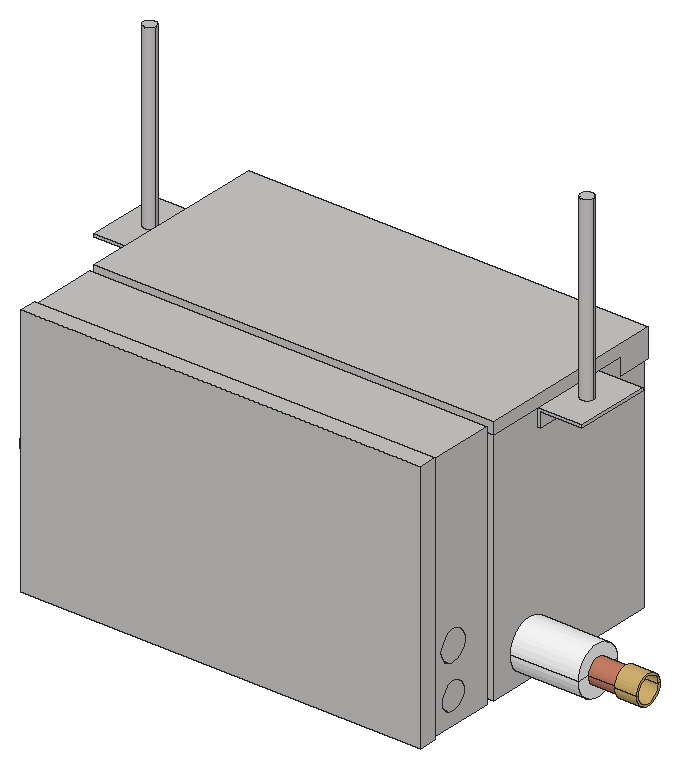
Revit family "Changeover_Box-VRF-Non_ducted-JCI-01_Port", category Mechanical Equipment, Revit 2014
Parameters (values of type "COBS048B22S/C - 208 v")
  Width = 8.438"
  Voltage = 208 V
  Product Page URL = ""
  Product Name = "COBS048B22S/C"
  Product Documentation Link = ""
  Power Factor = 0.8
  Phase = 1
  Outdoor Suction Gas Wall Thickness = Outdoor Suction Gas Socket Outside Radius - Outdoor Suction Gas Socket Inside Radius  # 0.04822"
  Outdoor Suction Gas Socket Outside Radius = 1.0552 * Outdoor Suction Gas Radius + 0.095"  # 0.42475"
  Outdoor Suction Gas Socket Outside Depth = Outdoor Suction Gas Socket Inside Depth + Outdoor Suction Gas Wall Thickness  # 0.65759"
  Outdoor Suction Gas Socket Inside Radius = 1.0001 * Outdoor Suction Gas Radius + 0.064"  # 0.37653"
  Outdoor Suction Gas Socket Inside Depth = 1.15 * Outdoor Suction Gas Radius + 0.250"  # 0.60938"
  Outdoor Discharge Gas Wall Thickness = Outdoor Discharge Gas Socket Outside Radius - Outdoor Discharge Gas Socket Inside Radius  # 0.05166"
  Outdoor Discharge Gas Socket Outside Radius = 1.0552 * Outdoor Discharge Gas Radius + 0.095"  # 0.4907"
  Outdoor Discharge Gas Socket Outside Depth = Outdoor Discharge Gas Socket Inside Depth + Outdoor Discharge Gas Wall Thickness  # 0.73291"
  Outdoor Discharge Gas Socket Inside Radius = 1.0001 * Outdoor Discharge Gas Radius + 0.064"  # 0.43904"
  Outdoor Discharge Gas Socket Inside Depth = 1.15 * Outdoor Discharge Gas Radius + 0.250"  # 0.68125"
  Operating Weight = 13 lbf
  Number of Poles = 2
  Minimum Circuit Current = 0.1 A
  Max Number of Connectable Indoor Units (per branch) = 5
  Max Connectable Capacity (total) = 54000.0 Btu/h
  Max Connectable Capacity (per branch) = 54000.0 Btu/h
  Material Takeoff [instance] = yes
  Length 31 [instance] = if(Material Takeoff, Outdoor Suction Gas Socket Inside Depth, 0.000")  # 0.60938"
  Length 30 [instance] = if(Material Takeoff, Outdoor Suction Gas Socket Inside Depth, Outdoor Suction Gas Wall Thickness)  # 0.60938"
  Length 27 [instance] = if(Material Takeoff, Outdoor Discharge Gas Socket Inside Depth, Outdoor Discharge Gas Wall Thickness)  # 0.68125"
  Length 26 [instance] = if(Material Takeoff, Outdoor Discharge Gas Socket Inside Depth, 0.000")  # 0.68125"
  Length 22 [instance] = if(Material Takeoff, 0.000" - Indoor Gas Socket Inside Depth, 0.000")  # -0.60938"
  Length 21 [instance] = if(Material Takeoff, Indoor Gas Socket Inside Depth, Indoor Gas Wall Thickness)  # 0.60938"
  Length 20 [instance] = if(Material Takeoff, Indoor Gas Socket Inside Depth, 0.000")  # 0.60938"
  Length = Body Length + (2 * Connection Length)  # 18.875"
  Indoor Gas Wall Thickness = Indoor Gas Socket Outside Radius - Indoor Gas Socket Inside Radius  # 0.04822"
  Indoor Gas Socket Outside Radius = 1.0552 * Indoor Gas Radius + 0.095"  # 0.42475"
  Outdoor Suction Gas Z Offset = 0.813"
  Outdoor Suction Gas Radius = 5/16"
  Outdoor Discharge Gas Z Offset = 3.000"
  Outdoor Discharge Gas Y Offset = 1.563"
  Outdoor Discharge Gas Radius = 3/8"
  Length 8 = Outdoor Suction Gas Radius + 0.400"  # 0.7125"
  Outdoor Discharge Gas Body Radius = Outdoor Discharge Gas Radius + 0.060"  # 0.435"
  Length 6 = Outdoor Discharge Gas Radius + 0.400"  # 0.775"
  Indoor Gas Body Radius = Indoor Gas Radius + Indoor Gas Wall Thickness  # 0.36072"
  Length 3 = 0.525"
  Length 2 = Indoor Gas Radius + 0.400"  # 0.7125"
  Length 19 = 0.100"  # constant formula
  Length 18 = if(Indoor Gas Y Offset - Length 2 < Width / 2 - Length 1, Indoor Gas Y Offset - Length 2, (Width / 2 - Length 1))  # 3.094"
  Length 16 = 0.5875"
  Outdoor Suction Gas Body Radius = Outdoor Suction Gas Radius + 0.060"  # 0.3725"
  Length 1 = 1.125"  # constant formula
  Knockout Z Separation = 1.340"
  Knockout Y Offset = 1.250"
  Knockout Power Radius = 111/256"
  Knockout Control Radius = 101/256"
  Indoor Gas Z Offset = 1.000"
  Indoor Gas Y Offset = 4.375"
  Indoor Gas Socket Outside Depth = Indoor Gas Socket Inside Depth + Indoor Gas Wall Thickness  # 0.65759"
  Indoor Gas Socket Inside Radius = 1.0001 * Indoor Gas Radius + 0.064"  # 0.37653"
  Indoor Gas Socket Inside Depth = 1.15 * Indoor Gas Radius + 0.250"  # 0.60938"
  Highlight Material = Metal - JCI - Brass
  Height = 7.500"
  Frequency = 60 Hz
  Copyright © = "Copyright © 2001-2017 Johnson Controls"  # constant formula
  Control Z Offset = 0.830"
  Connection Length = 3.500"
  Body Length = 11.875"
  URL = "www.johnsoncontrols.com"
  Type Comments = "208 v"
  Power Consumption = 43 W
  Insulation Material = Plastic - JCI - White
  Model = "RBM-Y0383FUL"
  Manufacturer = "Johnson Controls International"
  Load Classification = HVAC
  Length 9 [instance] = if(Clearance Zones, Clearance Front, 0.000")  # 0.000"
  Length 14 [instance] = if(Clearance Zones, Clearance Top, 0.000")  # 0.000"
  Length 13 [instance] = if(Clearance Zones, Clearance Bottom, 0.000")  # 0.000"
  Length 12 [instance] = if(Clearance Zones, Clearance Right, 0.000")  # 0.000"
  Length 11 [instance] = if(Clearance Zones, Clearance Left, 0.000")  # 0.000"
  Length 10 [instance] = if(Clearance Zones, Clearance Back, 0.000")  # 0.000"
  Hanging Bolt Pitch = 13.000"
  Description = "Cooling/Heating 1 Port Changeover Box"  # constant formula
  Hanging Bolts [instance] = yes
  Drop Rod Radius = 0.188"
  Hanging Height [instance] = 5.000"
  Indoor Gas Radius = 5/16"
  DX Pipe Material = Metal - JCI - Copper
  Clearance Zones [instance] = no
  Clearance Top [instance] = 3.940"
  Clearance Right [instance] = 11.813"
  Clearance Material = Clearance Zones
  Clearance Left [instance] = 11.813"
  Clearance Front [instance] = 3.938"
  Clearance Bottom = 1.970"
  Clearance Back = 3.940"
  Body Material = Metal - JCI - Steel
  Assembly Code = "D3030200"
  Apparent Load = Minimum Circuit Current * Voltage / Power Factor  # 26 VA
  Angle 1 [instance] = if(Material Takeoff, 90.00°, 0.00°)  # 90.00°
Types (5): name | Width | Voltage | Product Name | Max Connectable Capacity (total) | Max Connectable Capacity (per branch) | Length 22 | Length 21 | Length 20 | Indoor Gas Wall Thickness | Indoor Gas Socket Outside Radius | Indoor Gas Body Radius | Length 2 | Length 18 | Indoor Gas Socket Outside Depth | Indoor Gas Socket Inside Radius | Indoor Gas Socket Inside Depth | Type Comments | Length 9 | Length 14 | Length 13 | Length 12 | Length 11 | Length 10 | Indoor Gas Radius | Clearance Zones | Clearance Right | Clearance Left | Apparent Load
  (no name) | 8.438" | 208 V | "COBS048B22S/C" | 54000.0 Btu/h | 54000.0 Btu/h | -0.60938" | 0.60938" | 0.60938" | 0.04822" | 0.42475" | 0.36072" | 0.7125" | 3.094" | 0.65759" | 0.37653" | 0.60938" | "208 v" | 0.000" | 0.000" | 0.000" | 0.000" | 0.000" | 0.000" | 5/16" | no | 11.813" | 11.813" | 26 VA
  COBS048B22S/C - 208 v | 8.438" | 208 V | "COBS048B22S/C" | 54000.0 Btu/h | 54000.0 Btu/h | -0.60938" | 0.60938" | 0.60938" | 0.04822" | 0.42475" | 0.36072" | 0.7125" | 3.094" | 0.65759" | 0.37653" | 0.60938" | "208 v" | 0.000" | 0.000" | 0.000" | 0.000" | 0.000" | 0.000" | 5/16" | no | 11.813" | 11.813" | 26 VA
  COBS048B22S/C - 230 v | 10.938" | 230 V | "COBS048B22S/C" | 54000.0 Btu/h | 54000.0 Btu/h | -0.60938" | 0.60938" | 0.60938" | 0.04822" | 0.42475" | 0.36072" | 0.7125" | 3.6625" | 0.65759" | 0.37653" | 0.60938" | "230 v" | 3.938" | 3.940" | 1.970" | 11.813" | 11.813" | 3.940" | 5/16" | yes | 11.813" | 11.813" | 28.75 VA
  COBS096B22S/C - 208 v | 10.938" | 208 V | "COBS096B22S/C" | 960000.0 Btu/h | 960000.0 Btu/h | -0.68125" | 0.68125" | 0.68125" | 0.05166" | 0.4907" | 0.42666" | 0.775" | 3.600" | 0.73291" | 0.43904" | 0.68125" | "208 v" | 0.000" | 0.000" | 0.000" | 0.000" | 0.000" | 0.000" | 3/8" | no | 15.750" | 15.750" | 26 VA
  COBS096B22S/C - 230 v | 10.938" | 208 V | "COBS096B22S/C" | 960000.0 Btu/h | 960000.0 Btu/h | -0.68125" | 0.68125" | 0.68125" | 0.05166" | 0.4907" | 0.42666" | 0.775" | 3.600" | 0.73291" | 0.43904" | 0.68125" | "230 v" | 0.000" | 0.000" | 0.000" | 0.000" | 0.000" | 0.000" | 3/8" | no | 15.750" | 15.750" | 26 VA
Reference planes (in)
  plane 1 "Center (Front/Back)": y = 0
  plane 2: z = 0
  plane 3 "Center (Left/Right)": x = 0
  plane 4 "Front": y = -4.219
  plane 5 "Body Left": x = -5.9375
  plane 6 "Body Right": x = 5.9375
  plane 7 "upper bracket left": x = -7.25
  plane 8 "upper bracket right": x = 7.25
  plane 9 "Left Bolt Pitch": x = -6.5
  plane 10 "Right Bolt Pitch": x = 6.5
  plane 11 "Top": z = 7.5
  plane 12 "Bottom": z = 0
  plane 13 "Center (Elevation)": z = 3.75
  plane 14 "plate top": z = 7.15625
  plane 15 "bracket 1 front": y = 0.125
  plane 16 "Hanging Rods Height": z = 12.5
  plane 17 "bolt bottom": z = 6.83862
  plane 18: z = 7.5
  plane 19 "Cleareance Left": x = -5.9375
  plane 20 "Clearance Right": x = 5.9375
  plane 21 "Clearance Front": y = -4.219
  plane 22 "Clearance Back": y = 4.219
  plane 23 "Clearance Top": z = 7.5
  plane 24 "Clearance Bottom": z = 0
  plane 25 "bracket 1 back": y = 2.375
  plane 26 "rod 1 y cl": y = 1.25
  plane 27 "connection left": x = -9.4375
  plane 28 "connection right": x = 9.4375
  plane 29 "trim front": y = -3.719
  plane 30 "body 1 left": x = -5.8875
  plane 31 "body 1 right": x = 5.8875
  plane 32 "bracket bottom": z = 6.65625
  plane 33 "control z cl": z = 0.83
  plane 34 "power z cl": z = 2.17
  plane 35 "indoor dx gas z cl": z = 1
  plane 36 "indoor dx gas y cl": y = -0.156
  plane 37 "indoor gas insulation right": x = 7.9375
  plane 38 "indoor liquid insulation right": x = 7.4375
  plane 39 "outside discharge gas y cl": y = 2.656
  plane 40 "outside suction gas y cl": y = 0.531
  plane 41 "outdoor discharge gas z cl": z = 3
  plane 42 "outdoor suction gas z cl": z = 0.813
  plane 43 "outdoor liquid inuslation left": x = -7.4375
  plane 44 "outdoor gas insulation left": x = -7.9375
  plane 45 "knockout y cl": y = -2.969
  plane 46: y = -1.719
  plane 47 "Back": y = 4.219
  plane 48: y = 4.119
  plane 49: y = -1.469
  plane 50: x = -5.1875
  plane 51: x = 5.1875
  plane 52: z = 0.05
  plane 53: z = 7.07725
  plane 54: z = 7.45
Forms (in)
  Extrusion 1, solid, detail levels coarse
    sketch origin (0, 0, 0) x (0, 1, 0) y (0, 0, 1)
      loop
        line (-4.219, 7.5) -> (-4.219, 0) -> (4.219, 0) -> (4.219, 7.5) -> (-4.219, 7.5)
    from -9.4375 to 9.4375
  Extrusion 2, solid, material "Metal - JCI - Steel" <- "Body Material", visible <- "Hanging Bolts", detail levels medium+fine
    sketch origin (0, 0, 7.15625) x (-1, 0, 0) y (0, -1, 0)
      loop
        circle (6.5, -1.25) r 0.188
      loop
        circle (-6.5, -1.25) r 0.188
    from 0 to 5.34375
  Extrusion 3, solid, material "Clearance Zones" <- "Clearance Material", visible <- "Clearance Zones"
    sketch origin (0, 0, 7.5) x (-1, 0, 0) y (0, -1, 0)
      loop
        line (5.9375, -4.219) -> (5.9375, 4.219) -> (-5.9375, 4.219) -> (-5.9375, -4.219) -> (5.9375, -4.219)
    from -7.5 to 0
  Extrusion 4, solid, material "Metal - JCI - Steel" <- "Body Material", visible <- "Hanging Bolts", detail levels medium+fine
    sketch origin (0, 0, 7.5) x (-1, 0, 0) y (0, -1, 0)
      loop
        circle (6.5, -1.25) r 0.188
      loop
        circle (-6.5, -1.25) r 0.188
    from -0.66137 to -0.42275
  Extrusion 5, solid, material "Metal - JCI - Steel" <- "Body Material", detail levels medium+fine
    sketch origin (0, 0, 7.5) x (-1, 0, 0) y (0, -1, 0)
      loop
        line (5.8875, 3.719) -> (-5.8875, 3.719) -> (-5.8875, 1.719) -> (5.8875, 1.719) -> (5.8875, 3.719)
      loop
        line (5.8875, 1.469) -> (-5.8875, 1.469) -> (-5.8875, -4.119) -> (5.8875, -4.119) -> (5.8875, 1.469)
    from -0.05 to -7.45
  Extrusion 6, solid, material "Metal - JCI - Steel" <- "Body Material", detail levels medium+fine
    sketch origin (0, -4.219, 0) x (-1, 0, 0) y (0, 0, 1)
      loop
        line (7.25, 7.15625) -> (5.9375, 7.15625) -> (5.9375, 6.65625) -> (6.0165, 6.65625) -> (6.0165, 7.07725) -> (7.25, 7.07725) -> (7.25, 7.15625)
      loop
        line (-5.9375, 6.65625) -> (-5.9375, 7.15625) -> (-7.25, 7.15625) -> (-7.25, 7.07725) -> (-6.0165, 7.07725) -> (-6.0165, 6.65625) -> (-5.9375, 6.65625)
    from 4.344 to 6.594
  Revolve 7, solid, material "Metal - JCI - Copper" <- "DX Pipe Material", detail levels medium+fine
    sketch origin (0, 0, 1) x (0, -1, 0) y (1, 0, 0)
      loop
        line (-0.5565, 5.8875) -> (0.156, 5.8875) -> (0.156, 8.82813) -> (-0.22053, 8.82813) -> (-0.22053, 9.4375) -> (-0.26875, 9.4375) -> (-0.26875, 8.77991) -> (-0.20472, 8.77991) -> (-0.20472, 7.9375) -> (-0.5565, 7.9375) -> (-0.5565, 5.8875)
      axis (0.156, 5.8875) -> (0.156, 9.4375)
    angle from 0 to 360
  Revolve 8, solid, material "Metal - JCI - Copper" <- "DX Pipe Material", detail levels medium+fine
    sketch origin (0, 0, 3) x (0, 1, 0) y (-1, 0, 0)
      loop
        line (2.656, 5.8875) -> (3.431, 5.8875) -> (3.431, 7.9375) -> (3.091, 7.9375) -> (3.091, 8.70459) -> (3.1467, 8.70459) -> (3.1467, 9.4375) -> (3.09504, 9.4375) -> (3.09504, 8.75625) -> (2.656, 8.75625) -> (2.656, 5.8875)
      axis (2.656, 9.4375) -> (2.656, 5.8875)
    angle from 0 to 360
  Revolve 9, solid, material "Metal - JCI - Copper" <- "DX Pipe Material", detail levels medium+fine
    sketch origin (0, 0, 0.813) x (0, 1, 0) y (-1, 0, 0)
      loop
        line (0.95575, 9.4375) -> (0.90753, 9.4375) -> (0.90753, 8.82812) -> (0.531, 8.82812) -> (0.531, 5.8875) -> (1.2435, 5.8875) -> (1.2435, 7.9375) -> (0.9035, 7.9375) -> (0.9035, 8.77991) -> (0.95575, 8.77991) -> (0.95575, 9.4375)
      axis (0.531, 9.4375) -> (0.531, 5.8875)
    angle from 0 to 360
  Extrusion 10, solid, material "Metal - JCI - Steel" <- "Body Material", detail levels medium+fine
    sketch origin (5.8875, 5.10245, 48) x (0, 1, 0) y (0, 0, 1)
      loop
        circle (-8.07145, -45.83) r 0.43359
      loop
        circle (-8.07145, -47.17) r 0.39453
    from 0 to -0.25
  Extrusion 11, solid, material "Metal - JCI - Copper" <- "DX Pipe Material", not visible
    sketch origin (9.4375, 0, 0) x (0, 1, 0) y (0, 0, 1)
      loop
        circle (-0.156, 1) r 0.2
    from -0.60938 <- "Length 22" to -3
  Extrusion 12, solid, material "Metal - JCI - Copper" <- "DX Pipe Material", not visible
    sketch origin (-9.4375, 0, 0) x (0, 1, 0) y (0, 0, 1)
      loop
        circle (2.656, 3) r 0.2
    from 0.68125 <- "Length 26" to 3
  Extrusion 13, solid, material "Metal - JCI - Copper" <- "DX Pipe Material", not visible
    sketch origin (-9.4375, 0, 0) x (0, 1, 0) y (0, 0, 1)
      loop
        circle (0.531, 0.813) r 0.2
    from 0.60938 <- "Length 31" to 3
  Extrusion 14, solid, material "Metal - JCI - Steel" <- "Body Material", detail levels medium+fine
    sketch origin (5.9375, 0, 0) x (0, 1, 0) y (0, 0, 1)
      loop
        line (-1.719, 5.5) -> (-1.719, 0) -> (-1.469, 0) -> (-1.469, 5.5) -> (-1.719, 5.5)
    from -11.125 to -0.75
  Extrusion 15, solid, material "Metal - JCI - Steel" <- "Body Material", detail levels fine
    sketch origin (5.9375, 0, 0) x (0, 1, 0) y (0, 0, 1)
      loop
        line (-1.519, 7.5) -> (-1.519, 7.15625) -> (3.219, 7.15625) -> (3.219, 6.65625) -> (4.219, 6.65625) -> (4.219, 7.5) -> (-1.519, 7.5)
      loop
        line (-4.219, 7.5) -> (-4.219, 0) -> (-3.719, 0) -> (-3.719, 7.5) -> (-4.219, 7.5)
    from -11.875 to 0
Lines and regions (in)
  Masking region 1, detail levels medium+fine
    outline origin (0, 0, 7.15625) x (-1, 0, 0) y (0, -1, 0)
      loop
        line (5.9375, 3.719) -> (-5.9375, 3.719) -> (-5.9375, 1.719) -> (-5.1875, 1.719) -> (-5.1875, 1.469) -> (-5.9375, 1.469) -> (-5.9375, -4.219) -> (5.9375, -4.219) -> (5.9375, 1.469) -> (5.1875, 1.469) -> (5.1875, 1.719) -> (5.9375, 1.719) -> (5.9375, 3.719)
  Masking region 2, detail levels medium+fine
    outline origin (0, 0, 0) x (1, 0, 0) y (0, 0, 1)
      loop
        line (-5.9375, 7.5) -> (-5.9375, 0) -> (5.9375, 0) -> (5.9375, 7.5) -> (-5.9375, 7.5)
  Masking region 3, detail levels coarse
    outline origin (0, 0, 0) x (0, 1, 0) y (0, 0, 1)
      loop
        line (-4.219, 7.5) -> (-4.219, 0) -> (6.719, 0) -> (6.719, 7.5) -> (-4.219, 7.5)
  Masking region 4, detail levels medium+fine
    outline origin (0, 0, 7.15625) x (-1, 0, 0) y (0, -1, 0)
      loop
        line (7.25, -2.375) -> (7.25, -0.125) -> (5.9375, -0.125) -> (5.9375, -2.375) -> (7.25, -2.375)
      loop
        line (-5.9375, -2.375) -> (-5.9375, -0.125) -> (-7.25, -0.125) -> (-7.25, -2.375) -> (-5.9375, -2.375)
  Masking region 5, visible <- "Hanging Bolts", detail levels fine
    outline origin (0, 0, 0) x (0, 1, 0) y (0, 0, 1)
      loop
        line (1.062, 12.5) -> (1.062, 7.15625) -> (1.438, 7.15625) -> (1.438, 12.5) -> (1.062, 12.5)
      loop
        line (1.438, 7.07725) -> (1.062, 7.07725) -> (1.062, 6.83863) -> (1.438, 6.83863) -> (1.438, 7.07725)
  Masking region 6, visible <- "Hanging Bolts", detail levels fine
    outline origin (0, 0, 0) x (1, 0, 0) y (0, 0, 1)
      loop
        line (-6.688, 12.5) -> (-6.688, 7.15625) -> (-6.312, 7.15625) -> (-6.312, 12.5) -> (-6.688, 12.5)
      loop
        line (6.312, 12.5) -> (6.312, 7.15625) -> (6.688, 7.15625) -> (6.688, 12.5) -> (6.312, 12.5)
      loop
        line (-6.688, 7.07725) -> (-6.688, 6.83863) -> (-6.312, 6.83863) -> (-6.312, 7.07725) -> (-6.688, 7.07725)
      loop
        line (6.312, 7.07725) -> (6.312, 6.83863) -> (6.688, 6.83863) -> (6.688, 7.07725) -> (6.312, 7.07725)
  Masking region 7, detail levels medium+fine
    outline origin (0, 0, 3) x (0, 1, 0) y (-1, 0, 0)
      loop
        line (3.1467, 9.4375) -> (2.1653, 9.4375) -> (2.1653, 8.70459) -> (2.221, 8.70459) -> (2.221, 7.9375) -> (1.881, 7.9375) -> (1.881, 5.9375) -> (3.431, 5.9375) -> (3.431, 7.9375) -> (3.091, 7.9375) -> (3.091, 8.70459) -> (3.1467, 8.70459) -> (3.1467, 9.4375)
  Masking region 8, detail levels medium+fine
    outline origin (0, 0, 3) x (0, 1, 0) y (-1, 0, 0)
      loop
        line (0.95575, 8.77991) -> (0.95575, 9.4375) -> (0.10625, 9.4375) -> (0.10625, 8.77991) -> (0.1585, 8.77991) -> (0.1585, 7.9375) -> (-0.1815, 7.9375) -> (-0.1815, 5.9375) -> (1.2435, 5.9375) -> (1.2435, 7.9375) -> (0.9035, 7.9375) -> (0.9035, 8.77991) -> (0.95575, 8.77991)
  Masking region 9, detail levels medium+fine
    outline origin (0, 0, 3) x (0, 1, 0) y (-1, 0, 0)
      loop
        line (0.5565, -5.9375) -> (-0.8685, -5.9375) -> (-0.8685, -7.9375) -> (-0.51672, -7.9375) -> (-0.51672, -8.77991) -> (-0.58075, -8.77991) -> (-0.58075, -9.4375) -> (0.26875, -9.4375) -> (0.26875, -8.77991) -> (0.20472, -8.77991) -> (0.20472, -7.9375) -> (0.5565, -7.9375) -> (0.5565, -5.9375)
  Masking region 10, detail levels coarse
    outline origin (0, 0, 7.5) x (-1, 0, 0) y (0, -1, 0)
      loop
        line (-9.4375, -4.219) -> (9.4375, -4.219) -> (9.4375, 4.219) -> (-9.4375, 4.219) -> (-9.4375, -4.219)
  Masking region 11, detail levels coarse
    outline origin (0, -4.219, 0) x (-1, 0, 0) y (0, 0, 1)
      loop
        line (9.4375, 7.5) -> (-9.4375, 7.5) -> (-9.4375, 0) -> (9.4375, 0) -> (9.4375, 7.5)
  Masking region 12, detail levels medium+fine
    outline origin (0, 0, 0) x (1, 0, 0) y (0, 0, 1)
      loop
        line (-9.4375, 3.535) -> (-9.4375, 2.465) -> (-8.7375, 2.465) -> (-8.7375, 2.565) -> (-7.9375, 2.565) -> (-7.9375, 2.225) -> (-5.9375, 2.225) -> (-5.9375, 3.775) -> (-7.9375, 3.775) -> (-7.9375, 3.435) -> (-8.7375, 3.435) -> (-8.7375, 3.535) -> (-9.4375, 3.535)
      loop
        line (-9.4375, 1.2855) -> (-9.4375, 0.3405) -> (-8.7375, 0.3405) -> (-8.7375, 0.4405) -> (-7.9375, 0.4405) -> (-7.9375, 0.1005) -> (-5.9375, 0.1005) -> (-5.9375, 1.5255) -> (-7.9375, 1.5255) -> (-7.9375, 1.1855) -> (-8.7375, 1.1855) -> (-8.7375, 1.2855) -> (-9.4375, 1.2855)
      loop
        line (9.4375, 1.46072) -> (8.7375, 1.46072) -> (8.7375, 1.36072) -> (7.9375, 1.36072) -> (7.9375, 1.7125) -> (5.9375, 1.7125) -> (5.9375, 0.2875) -> (7.9375, 0.2875) -> (7.9375, 0.63928) -> (8.7375, 0.63928) -> (8.7375, 0.53928) -> (9.4375, 0.53928) -> (9.4375, 1.46072)
  Masking region 13, detail levels medium+fine
    outline origin (0, 0, 0) x (0, 1, 0) y (0, 0, 1)
      loop
        line (4.119, 0.05) -> (4.119, 7.45) -> (-1.469, 7.45) -> (-1.469, 5.5) -> (-1.719, 5.5) -> (-1.719, 7.45) -> (-3.719, 7.45) -> (-3.719, 0.05) -> (4.119, 0.05)
  Masking region 14, detail levels fine
    outline origin (0, 0, 0) x (0, 1, 0) y (0, 0, 1)
      loop
        line (-1.519, 7.15625) -> (3.219, 7.15625) -> (3.219, 6.65625) -> (4.219, 6.65625) -> (4.219, 7.5) -> (-1.519, 7.5) -> (-1.519, 7.15625)
      loop
        line (-3.719, 7.5) -> (-4.219, 7.5) -> (-4.219, 0) -> (-3.719, 0) -> (-3.719, 7.5)
  Masking region 15, detail levels fine
    outline origin (0, 0, 7.5) x (-1, 0, 0) y (0, -1, 0)
      loop
        line (5.9375, 3.719) -> (5.9375, 4.219) -> (-5.9375, 4.219) -> (-5.9375, 3.719) -> (5.9375, 3.719)
  Masking region 16, detail levels fine
    outline origin (0, 0, 0) x (1, 0, 0) y (0, 0, 1)
      loop
        line (-7.25, 7.07725) -> (-6.0165, 7.07725) -> (-6.0165, 6.65625) -> (-5.9375, 6.65625) -> (-5.9375, 7.15625) -> (-7.25, 7.15625) -> (-7.25, 7.07725)
      loop
        line (6.0165, 7.07725) -> (7.25, 7.07725) -> (7.25, 7.15625) -> (5.9375, 7.15625) -> (5.9375, 6.65625) -> (6.0165, 6.65625) -> (6.0165, 7.07725)
  symbolic lines, detail levels fine
    curve 1: circle (-6.5, 1.25, 7.15625) r 0.188 normal (0, 0, 1)
    curve 2: circle (6.5, 1.25, 7.15625) r 0.188 normal (0, 0, 1)
    curve 4: line (0, 0.125, 7.07725) -> (0, 2.375, 7.07725)
    curve 28: line (5.9375, 0.125, 7.15625) -> (5.9375, 0.125, 6.65625)
    curve 29: line (5.9375, 0.125, 6.65625) -> (5.9375, 2.375, 6.65625)
    curve 30: line (5.9375, 2.375, 6.65625) -> (5.9375, 2.375, 7.15625)
  symbolic lines, detail levels medium+fine
    curve 3: line (0, 0.125, 7.15625) -> (0, 2.375, 7.15625)
    curve 10: line (0, 2.375, 7.15625) -> (0, 2.375, 7.07725)
    curve 11: line (0, 0.125, 7.15625) -> (0, 0.125, 7.07725)
    curve 20: line (-8.70459, 3.091, 3.82) -> (-8.70459, 2.221, 3.82)
    curve 21: line (-7.9375, 3.091, 3.82) -> (-7.9375, 2.221, 3.82)
    curve 22: line (-8.77991, 0.9035, 0.813) -> (-8.77991, 0.1585, 0.813)
    curve 23: line (-7.9375, 0.9035, 0.813) -> (-7.9375, 0.1585, 0.813)
    curve 24: line (7.9375, 0.20472, 3.11) -> (7.9375, -0.51672, 3.11)
    curve 25: line (8.77991, 0.20472, 3.11) -> (8.77991, -0.51672, 3.11)
    curve 26: circle (5.9375, -0.156, 1) r 0.42475 normal (1, 0, 0)
    curve 27: circle (5.9375, -0.156, 1) r 0.7125 normal (1, 0, 0)
    curve 31: circle (-5.9375, 2.656, 3) r 0.775 normal (1, 0, 0)
    curve 32: circle (-5.9375, 2.656, 3) r 0.4907 normal (1, 0, 0)
    curve 33: circle (-5.9375, 0.531, 0.813) r 0.42475 normal (1, 0, 0)
    curve 34: circle (-5.9375, 0.531, 0.813) r 0.7125 normal (1, 0, 0)
    curve 35: line (-8.7375, 0, 1.1855) -> (-8.7375, 0, 0.4405)
    curve 36: line (-7.9375, 0, 1.1855) -> (-7.9375, 0, 0.4405)
    curve 37: line (-7.9375, 0, 3.435) -> (-7.9375, 0, 2.565)
    curve 38: line (-8.7375, 0, 3.435) -> (-8.7375, 0, 2.565)
    curve 39: line (8.7375, 0, 1.36072) -> (8.7375, 0, 0.63928)
    curve 40: line (7.9375, 0, 1.36072) -> (7.9375, 0, 0.63928)
    curve 45: line (-5.1875, -1.469, 7.5) -> (5.1875, -1.469, 7.5)
    curve 46: line (-5.1875, -1.719, 7.5) -> (5.1875, -1.719, 7.5)
    curve 47: line (0, 4.119, 6.05625) -> (0, 4.119, 0.05)
    curve 48: line (0, -1.469, 5.5) -> (0, -1.469, 0.05)
    curve 49: line (0, -1.719, 5.5) -> (0, -1.719, 0.05)
    curve 50: circle (5.9375, -2.969, 2.17) r 0.43359 normal (1, 0, 0)
    curve 51: circle (5.9375, -2.969, 0.83) r 0.39453 normal (1, 0, 0)
  symbolic lines, visible <- "Hanging Bolts", detail levels medium
    curve 5: line (0, 1.25, 6.83862) -> (0, 1.25, 12.5)
    curve 8: line (-6.5, 0, 12.5) -> (-6.5, 0, 6.83862)
    curve 9: line (6.5, 0, 12.5) -> (6.5, 0, 6.83862)
  symbolic lines, detail levels medium
    curve 6: line (-7.25, 0, 7.15625) -> (-5.9375, 0, 7.15625)
    curve 7: line (5.9375, 0, 7.15625) -> (7.25, 0, 7.15625)
  symbolic lines, style "Clearance Zones", visible <- "Clearance Zones"
    curve 12: line (-5.9375, -4.219, 7.5) -> (5.9375, -4.219, 7.5)
    curve 13: line (-5.9375, -4.219, 0) -> (-5.9375, -4.219, 7.5)
    curve 14: line (5.9375, -4.219, 0) -> (-5.9375, -4.219, 0)
    curve 15: line (5.9375, -4.219, 7.5) -> (5.9375, -4.219, 0)
    curve 16: line (0, -4.219, 7.5) -> (0, 4.219, 7.5)
    curve 17: line (0, -4.219, 0) -> (0, -4.219, 7.5)
    curve 18: line (0, 4.219, 0) -> (0, -4.219, 0)
    curve 19: line (0, 4.219, 7.5) -> (0, 4.219, 0)
    curve 41: line (-5.9375, 4.219, 7.5) -> (5.9375, 4.219, 7.5)
    curve 42: line (-5.9375, -4.219, 7.5) -> (-5.9375, 4.219, 7.5)
    curve 43: line (5.9375, -4.219, 7.5) -> (-5.9375, -4.219, 7.5)
    curve 44: line (5.9375, 4.219, 7.5) -> (5.9375, -4.219, 7.5)
Dimensions and locks (in)
  equal spacing: plane 5 "Body Left", plane 3 "Center (Left/Right)", plane 6 "Body Right"
  "Height": plane 11 "Top" to plane 12 "Bottom"
  equal spacing: plane 11 "Top", plane 13 "Center (Elevation)", plane 12 "Bottom"
  "Hanging Height": plane 16 "Hanging Rods Height" to plane 11 "Top"
  "Drop Rod Radius": plane 9 "Left Bolt Pitch" to Masking region 6 sketch curve  (x2)
  "Drop Rod Radius": plane 10 "Right Bolt Pitch" to Masking region 6 sketch curve  (x2)
  "Length 11": plane 19 "Cleareance Left" to plane 5 "Body Left"
  "Length 14": plane 23 "Clearance Top" to plane 11 "Top"
  "Length 13": plane 12 "Bottom" to plane 24 "Clearance Bottom"
  equal spacing: plane 25 "bracket 1 back", plane 26 "rod 1 y cl", plane 15 "bracket 1 front"
  "Body Length": plane 5 "Body Left" to plane 6 "Body Right"
  locked: plane 7 "upper bracket left" to plane 9 "Left Bolt Pitch" at 0.75
  locked: plane 10 "Right Bolt Pitch" to plane 8 "upper bracket right" at 0.75
  equal spacing: plane 9 "Left Bolt Pitch", plane 3 "Center (Left/Right)", plane 10 "Right Bolt Pitch"
  "Hanging Bolt Pitch": plane 9 "Left Bolt Pitch" to plane 10 "Right Bolt Pitch"
  locked: plane 29 "trim front" to plane 4 "Front" at 0.5
  locked: plane 5 "Body Left" to plane 30 "body 1 left" at 0.05
  locked: plane 31 "body 1 right" to plane 6 "Body Right" at 0.05
  locked: Extrusion 6 sketch curve to Extrusion 6 sketch curve at 0.079  (x4)
  "Control Z Offset": plane 33 "control z cl" to plane 12 "Bottom"
  "Knockout Z Separation": plane 34 "power z cl" to plane 33 "control z cl"
  "Indoor Gas Z Offset": plane 35 "indoor dx gas z cl" to plane 12 "Bottom"
  locked: plane 6 "Body Right" to plane 38 "indoor liquid insulation right" at 1.5
  locked: plane 6 "Body Right" to plane 37 "indoor gas insulation right" at 2
  equal spacing: plane 27 "connection left", plane 3 "Center (Left/Right)", plane 28 "connection right"
  "Length": plane 27 "connection left" to plane 28 "connection right"
  "Length 2": Revolve 7 sketch curve to Revolve 7 sketch curve
  "Indoor Gas Body Radius": Revolve 7 sketch curve to Revolve 7 sketch curve
  "Indoor Gas Socket Outside Depth": Revolve 7 sketch curve to Revolve 7 sketch curve
  "Drop Rod Radius": Masking region 5 sketch curve to plane 26 "rod 1 y cl"
  "Drop Rod Radius": plane 26 "rod 1 y cl" to Masking region 5 sketch curve
  "Outdoor Discharge Gas Z Offset": plane 41 "outdoor discharge gas z cl" to plane 12 "Bottom"
  "Outdoor Suction Gas Z Offset": plane 42 "outdoor suction gas z cl" to plane 12 "Bottom"
  locked: plane 43 "outdoor liquid inuslation left" to plane 5 "Body Left" at 1.5
  locked: plane 44 "outdoor gas insulation left" to plane 5 "Body Left" at 2
  "Outdoor Discharge Gas Socket Outside Depth": Revolve 8 sketch curve to Revolve 8 sketch curve
  "Length 6": Revolve 8 sketch curve to Revolve 8 sketch curve
  "Outdoor Discharge Gas Body Radius": Revolve 8 sketch curve to Revolve 8 sketch curve
  "Outdoor Suction Gas Socket Outside Depth": Revolve 9 sketch curve to Revolve 9 sketch curve
  "Outdoor Suction Gas Body Radius": Revolve 9 sketch curve to Revolve 9 sketch curve
  "Length 8": Revolve 9 sketch curve to Revolve 9 sketch curve
  Masking region 12 sketch curve to plane 27 "connection left" = 0.700"
  "Length 19": Masking region 12 sketch curve to Masking region 12 sketch curve  (x6)
  "Outdoor Suction Gas Body Radius": Masking region 12 sketch curve to plane 42 "outdoor suction gas z cl"
  "Outdoor Suction Gas Body Radius": plane 42 "outdoor suction gas z cl" to Masking region 12 sketch curve
  "Length 8": plane 42 "outdoor suction gas z cl" to Masking region 12 sketch curve
  "Length 8": Masking region 12 sketch curve to plane 42 "outdoor suction gas z cl"
  "Outdoor Discharge Gas Body Radius": Masking region 12 sketch curve to plane 41 "outdoor discharge gas z cl"
  "Outdoor Discharge Gas Body Radius": plane 41 "outdoor discharge gas z cl" to Masking region 12 sketch curve
  "Length 6": Masking region 12 sketch curve to plane 41 "outdoor discharge gas z cl"
  "Length 6": plane 41 "outdoor discharge gas z cl" to Masking region 12 sketch curve
  "Length 2": plane 35 "indoor dx gas z cl" to Masking region 12 sketch curve
  "Length 2": Masking region 12 sketch curve to plane 35 "indoor dx gas z cl"
  "Indoor Gas Body Radius": Masking region 12 sketch curve to plane 35 "indoor dx gas z cl"
  "Indoor Gas Body Radius": plane 35 "indoor dx gas z cl" to Masking region 12 sketch curve
  locked: Masking region 12 sketch curve to Masking region 12 sketch curve at 0.7
  "Length 12": plane 6 "Body Right" to plane 20 "Clearance Right"
  "Length 9": plane 21 "Clearance Front" to plane 4 "Front"
  "Indoor Gas Socket Outside Radius": Revolve 7 sketch curve to Revolve 7 sketch curve
  "Indoor Gas Wall Thickness": Revolve 7 sketch curve to Revolve 7 sketch curve
  "Length 20": Revolve 7 sketch curve to plane 28 "connection right"
  "Length 21": Revolve 7 sketch curve to Revolve 7 sketch curve
  "Outdoor Discharge Gas Wall Thickness": Revolve 8 sketch curve to Revolve 8 sketch curve
  "Length 27": Revolve 8 sketch curve to Revolve 8 sketch curve
  "Outdoor Discharge Gas Socket Outside Radius": Revolve 8 sketch curve to Revolve 8 sketch curve
  "Outdoor Suction Gas Socket Outside Radius": Revolve 9 sketch curve to Revolve 9 sketch curve
  "Outdoor Suction Gas Wall Thickness": Revolve 9 sketch curve to Revolve 9 sketch curve
  "Length 30": Revolve 9 sketch curve to Revolve 9 sketch curve
  locked: plane 46 to plane 4 "Front" at 2.5
  locked: plane 49 to plane 46 at 0.25
  locked: plane 47 "Back" to plane 48 at 0.1
  locked: Extrusion 14 sketch curve to plane 11 "Top" at 2
  locked: plane 5 "Body Left" to plane 50 at 0.75
  locked: plane 51 to plane 6 "Body Right" at 0.75
  locked: plane 52 to plane 12 "Bottom" at 0.05
  locked: Extrusion 15 sketch curve to plane 49 at 0.05
  "Outdoor Discharge Gas Y Offset": plane 39 "outside discharge gas y cl" to plane 47 "Back"
  locked: plane 40 "outside suction gas y cl" to plane 39 "outside discharge gas y cl" at 2.125
  "Indoor Gas Y Offset": plane 47 "Back" to plane 36 "indoor dx gas y cl"
  locked: Extrusion 15 sketch curve to Extrusion 15 sketch curve at 1
  locked: Masking region 6 sketch curve to Masking region 6 sketch curve at 0.079  (x2)
  locked: plane 14 "plate top" to plane 32 "bracket bottom" at 0.5
  locked: plane 14 "plate top" to plane 53 at 0.079
  locked: plane 17 "bolt bottom" to plane 32 "bracket bottom" at 0.18238
  locked: plane 18 to plane 14 "plate top" at 0.34375
  "Knockout Y Offset": plane 4 "Front" to plane 45 "knockout y cl"
  locked: plane 11 "Top" to plane 54 at 0.05
  "Width": plane 47 "Back" to plane 4 "Front"
  "Length 10": plane 47 "Back" to plane 22 "Clearance Back"
  "Length 1": plane 25 "bracket 1 back" to plane 26 "rod 1 y cl"
  equal spacing: plane 47 "Back", plane 1 "Center (Front/Back)", plane 4 "Front"
  "Drop Rod Radius": radius of Extrusion 2 sketch curve  (x2)
  "Drop Rod Radius": radius of curve 1
  "Drop Rod Radius": radius of curve 2
  "Knockout Power Radius": radius of Extrusion 10 sketch curve
  "Knockout Control Radius": radius of Extrusion 10 sketch curve
  radius of Extrusion 11 sketch curve = 0.200"
  radius of Extrusion 12 sketch curve = 0.200"
  radius of Extrusion 13 sketch curve = 0.200"
  "Angle 1": angle Revolve 7 sketch curve to Revolve 7 sketch curve
  "Angle 1": angle Revolve 8 sketch curve to Revolve 8 sketch curve
  "Angle 1": angle Revolve 9 sketch curve to Revolve 9 sketch curve
  aligned and locked: level to plane 2
  aligned and locked: Extrusion 1 sketch curve to plane 11 "Top"
  aligned and locked: plane 12 "Bottom" to Extrusion 1 sketch curve
  aligned and locked: plane 9 "Left Bolt Pitch" to Extrusion 2 sketch curve
  aligned and locked: plane 10 "Right Bolt Pitch" to Extrusion 2 sketch curve
  aligned and locked: plane 16 "Hanging Rods Height" to Extrusion 2
  aligned and locked: plane 2 to plane 12 "Bottom"
  aligned and locked: plane 5 "Body Left" to Masking region 1 sketch curve
  aligned and locked: Masking region 2 sketch curve to plane 11 "Top"
  aligned and locked: plane 5 "Body Left" to Masking region 2 sketch curve
  aligned and locked: plane 12 "Bottom" to Masking region 2 sketch curve
  aligned and locked: Masking region 2 sketch curve to plane 6 "Body Right"
  aligned and locked: Masking region 3 sketch curve to plane 11 "Top"
  aligned and locked: plane 4 "Front" to Masking region 3 sketch curve
  aligned and locked: plane 12 "Bottom" to Masking region 3 sketch curve
  aligned and locked: plane 7 "upper bracket left" to Masking region 4 sketch curve
  aligned and locked: plane 15 "bracket 1 front" to Masking region 4 sketch curve  (x2)
  aligned and locked: Masking region 4 sketch curve to plane 5 "Body Left"
  aligned and locked: plane 6 "Body Right" to Masking region 4 sketch curve
  aligned and locked: Masking region 4 sketch curve to plane 8 "upper bracket right"
  aligned and locked: plane 9 "Left Bolt Pitch" to curve 1
  aligned and locked: plane 10 "Right Bolt Pitch" to curve 2
  aligned and locked: plane 4 "Front" to Extrusion 1 sketch curve
  aligned and locked: plane 15 "bracket 1 front" to curve 3
  aligned and locked: plane 15 "bracket 1 front" to curve 4
  aligned and locked: curve 3 to plane 14 "plate top"
  aligned and locked: plane 16 "Hanging Rods Height" to curve 5
  aligned and locked: Masking region 5 sketch curve to plane 16 "Hanging Rods Height"
  aligned and locked: plane 7 "upper bracket left" to curve 6
  aligned and locked: plane 5 "Body Left" to curve 6
  aligned and locked: plane 6 "Body Right" to curve 7
  aligned and locked: plane 8 "upper bracket right" to curve 7
  aligned and locked: plane 16 "Hanging Rods Height" to curve 8
  aligned and locked: plane 16 "Hanging Rods Height" to curve 9
  aligned and locked: plane 17 "bolt bottom" to curve 8
  aligned and locked: curve 8 to plane 9 "Left Bolt Pitch"
  aligned and locked: curve 9 to plane 10 "Right Bolt Pitch"
  aligned and locked: Masking region 6 sketch curve to plane 16 "Hanging Rods Height"  (x2)
  aligned and locked: plane 11 "Top" to plane 18
  aligned and locked: plane 22 "Clearance Back" to Extrusion 3 sketch curve
  aligned and locked: plane 19 "Cleareance Left" to Extrusion 3 sketch curve
  aligned and locked: Extrusion 3 sketch curve to plane 21 "Clearance Front"
  aligned and locked: Extrusion 3 sketch curve to plane 20 "Clearance Right"
  aligned and locked: Extrusion 3 to plane 24 "Clearance Bottom"
  aligned and locked: plane 23 "Clearance Top" to Extrusion 3
  aligned: plane 17 "bolt bottom" to Extrusion 2
  aligned and locked: Masking region 5 sketch curve to plane 14 "plate top"
  aligned and locked: plane 14 "plate top" to Masking region 6 sketch curve  (x2)
  aligned and locked: Masking region 6 sketch curve to Masking region 6 sketch curve  (x4)
  aligned and locked: Masking region 6 sketch curve to plane 17 "bolt bottom"  (x2)
  aligned and locked: Masking region 4 sketch curve to plane 25 "bracket 1 back"  (x2)
  aligned and locked: Extrusion 2 to plane 14 "plate top"
  aligned and locked: Extrusion 4 sketch curve to Extrusion 2  (x2)
  aligned and locked: plane 17 "bolt bottom" to Extrusion 4
  aligned and locked: Masking region 5 sketch curve to Masking region 5 sketch curve  (x2)
  aligned and locked: Masking region 5 sketch curve to plane 17 "bolt bottom"
  aligned and locked: curve 5 to plane 26 "rod 1 y cl"
  aligned and locked: plane 17 "bolt bottom" to curve 5
  aligned and locked: plane 25 "bracket 1 back" to curve 10
  aligned and locked: plane 19 "Cleareance Left" to curve 13
  aligned and locked: curve 12 to plane 23 "Clearance Top"
  aligned and locked: curve 15 to plane 20 "Clearance Right"
  aligned and locked: plane 24 "Clearance Bottom" to curve 14
  aligned and locked: curve 17 to plane 21 "Clearance Front"
  aligned and locked: plane 22 "Clearance Back" to curve 19
  aligned and locked: curve 16 to plane 23 "Clearance Top"
  aligned and locked: plane 24 "Clearance Bottom" to curve 18
  aligned and locked: plane 26 "rod 1 y cl" to curve 1
  aligned and locked: plane 26 "rod 1 y cl" to Extrusion 2 sketch curve  (x2)
  aligned and locked: plane 26 "rod 1 y cl" to curve 2
  aligned and locked: plane 30 "body 1 left" to Extrusion 5 sketch curve
  aligned and locked: plane 14 "plate top" to Extrusion 6 sketch curve
  aligned and locked: Extrusion 6 sketch curve to plane 7 "upper bracket left"
  aligned and locked: Extrusion 6 sketch curve to Extrusion 6 sketch curve
  aligned and locked: Extrusion 6 sketch curve to plane 14 "plate top"
  aligned and locked: Extrusion 6 sketch curve to plane 32 "bracket bottom"
  aligned and locked: Extrusion 6 sketch curve to plane 8 "upper bracket right"
  aligned and locked: plane 6 "Body Right" to Extrusion 6 sketch curve
  aligned and locked: plane 25 "bracket 1 back" to Extrusion 6
  aligned and locked: Extrusion 6 to plane 15 "bracket 1 front"
  aligned and locked: Revolve 7 sketch curve to plane 36 "indoor dx gas y cl"
  aligned and locked: plane 37 "indoor gas insulation right" to Revolve 7 sketch curve
  aligned and locked: Revolve 7 sketch curve to plane 31 "body 1 right"
  aligned and locked: Revolve 7 sketch curve to Revolve 7 sketch curve
  aligned and locked: plane 39 "outside discharge gas y cl" to Revolve 8 sketch curve
  aligned and locked: Revolve 8 sketch curve to plane 30 "body 1 left"
  aligned and locked: Revolve 8 sketch curve to plane 44 "outdoor gas insulation left"
  aligned and locked: plane 27 "connection left" to Revolve 8 sketch curve
  aligned and locked: Revolve 8 sketch curve to Revolve 8 sketch curve
  aligned and locked: plane 40 "outside suction gas y cl" to Revolve 9 sketch curve
  aligned and locked: Revolve 9 sketch curve to plane 27 "connection left"
  aligned and locked: plane 30 "body 1 left" to Revolve 9 sketch curve
  aligned and locked: plane 44 "outdoor gas insulation left" to Revolve 9 sketch curve
  aligned and locked: Revolve 9 sketch curve to Revolve 9 sketch curve
  aligned and locked: plane 34 "power z cl" to Extrusion 10 sketch curve
  aligned and locked: plane 33 "control z cl" to Extrusion 10 sketch curve
  aligned and locked: plane 45 "knockout y cl" to Extrusion 10 sketch curve  (x2)
  aligned and locked: plane 28 "connection right" to Extrusion 1
  aligned and locked: Extrusion 1 to plane 27 "connection left"
  aligned and locked: Masking region 7 sketch curve to Masking region 7 sketch curve  (x2)
  aligned and locked: Masking region 7 sketch curve to plane 27 "connection left"
  aligned and locked: plane 5 "Body Left" to Masking region 7 sketch curve
  aligned and locked: Masking region 7 to curve 20  (x2)
  aligned and locked: curve 20 to Masking region 7
  aligned and locked: Masking region 7 to curve 21  (x2)
  aligned and locked: curve 21 to Masking region 7
  aligned and locked: Masking region 8 sketch curve to Masking region 8 sketch curve  (x2)
  aligned and locked: Masking region 8 sketch curve to Revolve 9  (x7)
  aligned and locked: plane 5 "Body Left" to Masking region 8 sketch curve
  aligned and locked: Revolve 9 to Masking region 8 sketch curve
  aligned and locked: Masking region 8 sketch curve to plane 27 "connection left"
  aligned and locked: Masking region 8 to curve 23  (x2)
  aligned and locked: Masking region 8 to curve 22  (x2)
  aligned and locked: curve 23 to Masking region 8
  aligned and locked: curve 22 to Masking region 8
  aligned and locked: plane 28 "connection right" to Masking region 9 sketch curve
  aligned and locked: Masking region 9 sketch curve to Revolve 7  (x10)
  aligned and locked: Masking region 9 sketch curve to plane 6 "Body Right"
  aligned and locked: Masking region 9 to curve 24
  aligned and locked: curve 25 to Masking region 9
  aligned and locked: Masking region 9 to curve 25  (x2)
  aligned and locked: curve 24 to Masking region 9  (x2)
  aligned and locked: curve 26 to Revolve 7
  aligned and locked: curve 27 to Revolve 7
  aligned and locked: curve 28 to Extrusion 6
  aligned and locked: curve 29 to Extrusion 6
  aligned and locked: curve 30 to Extrusion 6
  aligned and locked: curve 33 to Revolve 9
  aligned and locked: curve 34 to Revolve 9
  aligned and locked: curve 31 to Revolve 8
  aligned and locked: curve 32 to Revolve 8
  aligned and locked: Extrusion 1 to Masking region 10 sketch curve
  aligned and locked: Masking region 10 sketch curve to Extrusion 1  (x2)
  aligned and locked: Masking region 11 sketch curve to Extrusion 1  (x4)
  aligned and locked: Masking region 12 sketch curve to Masking region 12 sketch curve  (x6)
  aligned and locked: plane 5 "Body Left" to Masking region 12 sketch curve  (x2)
  aligned and locked: Masking region 12 sketch curve to plane 44 "outdoor gas insulation left"  (x2)
  aligned and locked: Masking region 12 sketch curve to plane 28 "connection right"
  aligned and locked: plane 6 "Body Right" to Masking region 12 sketch curve
  aligned and locked: Masking region 12 sketch curve to plane 37 "indoor gas insulation right"  (x2)
  aligned and locked: curve 40 to Masking region 12
  aligned and locked: Masking region 12 to curve 39
  aligned and locked: curve 39 to Masking region 12  (x2)
  aligned and locked: Masking region 12 to curve 40  (x2)
  aligned and locked: Masking region 12 to curve 36  (x2)
  aligned and locked: curve 35 to Masking region 12
  aligned and locked: Masking region 12 to curve 35  (x2)
  aligned and locked: curve 36 to Masking region 12
  aligned and locked: curve 37 to Masking region 12
  aligned and locked: Masking region 12 to curve 38  (x2)
  aligned and locked: curve 38 to Masking region 12
  aligned and locked: Masking region 12 to curve 37  (x2)
  aligned and locked: plane 19 "Cleareance Left" to curve 42
  aligned and locked: curve 44 to plane 20 "Clearance Right"
  aligned and locked: plane 36 "indoor dx gas y cl" to Extrusion 11 sketch curve
  aligned and locked: plane 35 "indoor dx gas z cl" to Extrusion 11 sketch curve
  aligned and locked: plane 39 "outside discharge gas y cl" to Extrusion 12 sketch curve
  aligned and locked: plane 41 "outdoor discharge gas z cl" to Extrusion 12 sketch curve
  aligned and locked: plane 40 "outside suction gas y cl" to Extrusion 13 sketch curve
  aligned and locked: plane 42 "outdoor suction gas z cl" to Extrusion 13 sketch curve
  aligned and locked: Extrusion 5 sketch curve to plane 46
  aligned and locked: Extrusion 5 sketch curve to plane 48
  aligned and locked: Extrusion 5 sketch curve to plane 49
  aligned and locked: Extrusion 14 sketch curve to plane 49
  aligned and locked: plane 46 to Extrusion 14 sketch curve
  aligned and locked: plane 12 "Bottom" to Extrusion 14 sketch curve
  aligned and locked: Extrusion 14 to plane 50
  aligned and locked: plane 51 to Extrusion 14
  aligned and locked: plane 29 "trim front" to Extrusion 5 sketch curve
  aligned and locked: Extrusion 5 to plane 52
  aligned and locked: Extrusion 15 sketch curve to Extrusion 15 sketch curve
  aligned and locked: Extrusion 15 sketch curve to plane 29 "trim front"
  aligned and locked: plane 4 "Front" to Extrusion 15 sketch curve
  aligned and locked: plane 12 "Bottom" to Extrusion 15 sketch curve
  aligned and locked: Extrusion 15 to plane 5 "Body Left"
  aligned and locked: plane 6 "Body Right" to Extrusion 15
  aligned and locked: plane 44 "outdoor gas insulation left" to Masking region 7 sketch curve
  aligned and locked: Masking region 7 sketch curve to Revolve 8  (x6)
  aligned and locked: Revolve 8 to Masking region 7 sketch curve
  aligned and locked: plane 29 "trim front" to Masking region 1 sketch curve
  aligned and locked: Masking region 1 sketch curve to Extrusion 5
  aligned and locked: Extrusion 5 to Masking region 1 sketch curve
  aligned and locked: plane 49 to Masking region 1 sketch curve
  aligned and locked: Masking region 1 sketch curve to plane 46
  aligned and locked: Masking region 1 sketch curve to Extrusion 14
  aligned and locked: Masking region 1 to curve 45  (x2)
  aligned and locked: Masking region 1 to curve 46
  aligned and locked: curve 46 to Masking region 1
  aligned and locked: Masking region 13 sketch curve to Masking region 13 sketch curve
  aligned and locked: Masking region 13 sketch curve to plane 48
  aligned and locked: Masking region 13 sketch curve to plane 46
  aligned and locked: plane 49 to Masking region 13 sketch curve
  aligned and locked: Masking region 13 sketch curve to Extrusion 14
  aligned and locked: plane 29 "trim front" to Masking region 13 sketch curve
  aligned and locked: plane 52 to Masking region 13 sketch curve
  aligned and locked: curve 47 to Masking region 13
  aligned and locked: Masking region 13 to curve 48  (x2)
  aligned and locked: Masking region 13 to curve 49  (x3)
  aligned and locked: curve 48 to Masking region 13
  aligned and locked: Masking region 13 to curve 47
  aligned and locked: Masking region 14 sketch curve to Extrusion 15  (x6)
  aligned and locked: Masking region 1 sketch curve to plane 47 "Back"
  aligned and locked: Extrusion 15 sketch curve to plane 47 "Back"
  aligned and locked: Extrusion 15 sketch curve to plane 32 "bracket bottom"
  aligned and locked: Extrusion 15 to Masking region 14 sketch curve
  aligned and locked: plane 53 to Extrusion 4
  aligned and locked: plane 14 "plate top" to Extrusion 15 sketch curve
  aligned and locked: Extrusion 15 sketch curve to plane 11 "Top"
  aligned and locked: curve 4 to Extrusion 6
  aligned and locked: plane 11 "Top" to Masking region 14 sketch curve
  aligned and locked: Masking region 14 sketch curve to Masking region 14 sketch curve
  aligned and locked: plane 54 to Extrusion 5
  aligned and locked: curve 50 to Extrusion 10
  aligned and locked: curve 51 to Extrusion 10
  aligned and locked: plane 47 "Back" to Extrusion 1 sketch curve
  aligned and locked: curve 45 to plane 49
  aligned and locked: curve 46 to plane 46
  aligned and locked: plane 22 "Clearance Back" to curve 41
  aligned and locked: curve 43 to plane 21 "Clearance Front"
  aligned and locked: Masking region 15 sketch curve to plane 29 "trim front"
  aligned and locked: plane 5 "Body Left" to Masking region 15 sketch curve
  aligned and locked: plane 4 "Front" to Masking region 15 sketch curve
  aligned and locked: Masking region 15 sketch curve to plane 6 "Body Right"
  aligned and locked: curve 6 to plane 14 "plate top"
  aligned and locked: curve 7 to plane 14 "plate top"
  aligned and locked: Masking region 16 sketch curve to Extrusion 6  (x12)
Automatic sketch dimensions
  Revolve 7 sketch curve to plane 20 "Clearance Right" = 3.70922"
  Revolve 8 sketch curve to plane 19 "Cleareance Left" = 0.72109"
  Revolve 8 sketch curve to plane 31 "body 1 right" = 2.29109"
  plane 30 "body 1 left" to Revolve 7 sketch curve = 1.84078"
  Extrusion 5 sketch curve to Extrusion 5 sketch curve = 0.000"
  Extrusion 5 sketch curve to plane 30 "body 1 left" = 0.000"
  Extrusion 5 sketch curve to plane 31 "body 1 right" = 0.000"
  curve 47 to plane 32 "bracket bottom" = 0.600"
  curve 9 to plane 17 "bolt bottom" = 0.000"
  Masking region 1 sketch curve to plane 6 "Body Right" = 0.000"  (x2)
  Masking region 1 sketch curve to plane 50 = 0.000"
  Masking region 1 sketch curve to plane 5 "Body Left" = 0.000"
  Masking region 5 sketch curve to plane 53 = 0.000"
  curve 30 to plane 14 "plate top" = 0.000"
  curve 28 to plane 14 "plate top" = 0.000"
  Extrusion 6 sketch curve to plane 5 "Body Left" = 0.000"
  plane 28 "connection right" to Revolve 9 sketch curve = 0.56864"
  Revolve 9 sketch curve to plane 19 "Cleareance Left" = 6.33136"
  Masking region 13 sketch curve to plane 54 = 0.000"
  Masking region 10 sketch curve to plane 47 "Back" = 0.000"
  plane 47 "Back" to Masking region 3 sketch curve = 2.500"
  Masking region 12 sketch curve to plane 27 "connection left" = 0.000"  (x2)
  Masking region 16 sketch curve to plane 14 "plate top" = 0.000"
  Masking region 14 sketch curve to plane 14 "plate top" = 0.000"
Connectors (in)
  electrical at (5.8875, -2.969, 0.83)
    settings: on Extrusion 10, index 1, voltage 0 V, apparent load 0 VA, apparent load phase1 0 VA, apparent load phase2 0 VA, apparent load phase3 0 VA, power factor 1, load classification "Other", number of poles 1, system type 13, power factor state 1, is connector primary yes, connector utility no, sub classification motor no, connector description "Controls"
  electrical at (5.8875, -2.969, 2.17), driven by "Number of Poles", driven by "Load Classification", driven by "Voltage", driven by "Apparent Load", driven by "Power Factor"
    settings: on Extrusion 10, index 2, voltage 208 V, apparent load 26 VA, apparent load phase1 0 VA, apparent load phase2 0 VA, apparent load phase3 0 VA, power factor 0.8, load classification "HVAC", number of poles 2, system type 30, power factor state 1, is connector primary no, connector utility no, sub classification motor no, connector description "Power"
  piping at (8.82813, -0.156, 1), diameter 0.625, driven by "Indoor Gas Radius"
    settings: on Extrusion 11, index 3, connector inside diameter 24", connector length 0.000", flow factor 0, pipe flow 0 GPM, pressure drop 0.00 psi, fitting loss kfactor 0, connector angle 0.00°, fixture units 0, engagement length 0.000", angle of deflection 0.00°, flow configuration 0, flow direction 0, fitting loss method 0, system type 22, joint type 0, gender type 0, connector reference index -1, connector utility 0, adjustable connector no, is connector primary yes, connector description "Indoor Gas"
  piping at (-8.75625, 2.656, 3), diameter 0.75, driven by "Outdoor Discharge Gas Radius"
    settings: on Extrusion 12, index 5, connector inside diameter 24", connector length 0.000", flow factor 0, pipe flow 0 GPM, pressure drop 0.00 psi, fitting loss kfactor 0, connector angle 0.00°, fixture units 0, engagement length 0.000", angle of deflection 0.00°, flow configuration 0, flow direction 0, fitting loss method 0, system type 22, joint type 0, gender type 0, connector reference index -1, connector utility 0, adjustable connector no, is connector primary no, connector description "Outdoor Discharge Gas"
  piping at (-8.82812, 0.531, 0.813), diameter 0.625, driven by "Outdoor Suction Gas Radius"
    settings: on Extrusion 13, index 7, connector inside diameter 24", connector length 0.000", flow factor 0, pipe flow 0 GPM, pressure drop 0.00 psi, fitting loss kfactor 0, connector angle 0.00°, fixture units 0, engagement length 0.000", angle of deflection 0.00°, flow configuration 0, flow direction 0, fitting loss method 0, system type 22, joint type 0, gender type 0, connector reference index -1, connector utility 0, adjustable connector no, is connector primary no, connector description "Outdoor Suction Gas"
